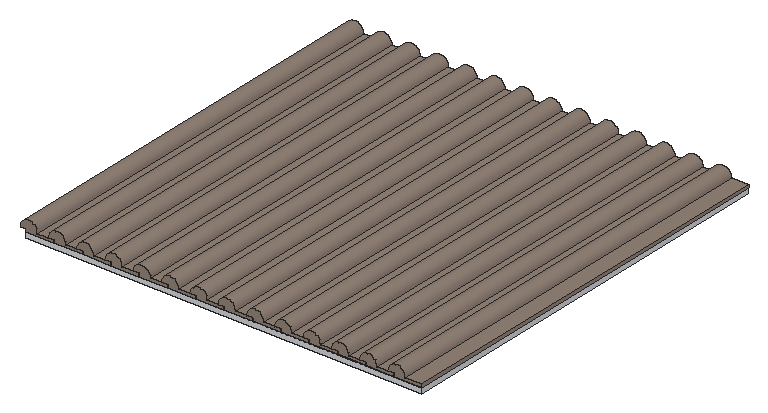
Revit family "Tambour Ellis 36 x 36", category Generic Models, host Face, Revit 2023
Family settings
  Host = Face
  Can host rebar = No
  Round Connector Dimension = Use Diameter
  Part Type = Normal
  Cut with Voids When Loaded = No
  Maintain Annotation Orientation = No
  Shared = No
  Room Calculation Point = No
Parameters (values of type "Tambour Ellis - 36 x 36 - WALNUT")
  Tambour Material = Cambio Wood Veneer - Walnut
  Default Elevation = 4' - 0"
Types (7): name | Tambour Material
  (no name) | Cambio Wood Veneer - Walnut
  Tambour Ellis - 36 x 36 - OAK | Cambio Wood Veneer - Oak
  Tambour Ellis - 36 x 36 - WALNUT | Cambio Wood Veneer - Walnut
  Tambour Ellis - 36 x 36 - SW MATTE BLACK | Cambio Color Block - Tricorn Black
  Tambour Ellis - 36 x 36 - SW MATTE GRAY | Cambio Color Block - Serious Gray
  Tambour Ellis - 36 x 36 - SW MATTE LIGHT GRAY | Cambio Color Block - Morning Fog
  Tambour Ellis - 36 x 36 - SW MATTE WHITE | Cambio Color Block - White Flour
Reference planes (in)
  plane 1 "Center (Front/Back)": y = 0
  plane 2: z = 0
  plane 3 "Center (Left/Right)": x = 0
  plane 4 "Face Of Substrate": z = 0.47244
Dimensions and locks (in)
  aligned and locked: plane 2 to host face
  aligned and locked: level to host face
  aligned and locked: nested 1 to plane 4 "Face Of Substrate"
Nested families (in)
  nested 1: "35.5 x 36 Substrate" at (0, 0, 0), type "35.5 x 36 Substrate"
  nested 2: "Tambour Ellis Stick" at (-17.25, 0, 0.47244), type "TAMBOUR .75 X 36" - OAK"
  nested 3: "Tambour Ellis Stick" at (-14.75, 0, 0.47244), type "TAMBOUR .75 X 36" - OAK"
  nested 4: "Tambour Ellis Stick" at (-12.25, 0, 0.47244), type "TAMBOUR .75 X 36" - OAK"
  nested 5: "Tambour Ellis Stick" at (-9.75, 0, 0.47244), type "TAMBOUR .75 X 36" - OAK"
  nested 6: "Tambour Ellis Stick" at (-7.25, 0, 0.47244), type "TAMBOUR .75 X 36" - OAK"
  nested 7: "Tambour Ellis Stick" at (-4.75, 0, 0.47244), type "TAMBOUR .75 X 36" - OAK"
  nested 8: "Tambour Ellis Stick" at (-2.25, 0, 0.47244), type "TAMBOUR .75 X 36" - OAK"
  nested 9: "Tambour Ellis Stick" at (0.25, 0, 0.47244), type "TAMBOUR .75 X 36" - OAK"
  nested 10: "Tambour Ellis Stick" at (2.75, 0, 0.47244), type "TAMBOUR .75 X 36" - OAK"
  nested 11: "Tambour Ellis Stick" at (5.25, 0, 0.47244), type "TAMBOUR .75 X 36" - OAK"
  nested 12: "Tambour Ellis Stick" at (7.75, 0, 0.47244), type "TAMBOUR .75 X 36" - OAK"
  nested 13: "Tambour Ellis Stick" at (10.25, 0, 0.47244), type "TAMBOUR .75 X 36" - OAK"
  nested 14: "Tambour Ellis Stick" at (12.75, 0, 0.47244), type "TAMBOUR .75 X 36" - OAK"
  nested 15: "Tambour Ellis Stick" at (15.25, 0, 0.47244), type "TAMBOUR .75 X 36" - OAK"
Definition of nested family "35.5 x 36 Substrate"
  Parameters (values of type "35.5 x 36 Substrate")
    Width = 2' - 11 1/2"
    Substrate Material = none
    Substrate Height = 1' - 3"
    Height = 3' - 0"
    Default Elevation = 4' - 0"
  Reference planes (in)
    plane 1 "Center (Front/Back)": y = 0
    plane 2: z = 0
    plane 3 "Center (Left/Right)": x = 0
    plane 4: x = -17.75
    plane 5: x = 17.75
  Forms (in)
    Extrusion 1, solid
      sketch origin (0, 0, 0) x (1, 0, 0) y (0, 1, 0)
        loop
          line (-48, 48) -> (-48, -48) -> (48, -48) -> (48, 48) -> (-48, 48)
      from 0 to -12
    Extrusion 2, solid, material <- "Substrate Material"
      sketch origin (0, 0, 0) x (1, 0, 0) y (0, 1, 0)
        loop
          line (-17.25, 18) -> (-17.25, -18) -> (17.75, -18) -> (17.75, 18) -> (-17.25, 18)
      from 0 to 0.47244
  Dimensions and locks (in)
    equal spacing: Extrusion 2 sketch curve, plane 1 "Center (Front/Back)", Extrusion 2 sketch curve
    "Height": Extrusion 2 to Extrusion 2
    locked: plane 4 to Extrusion 2 sketch curve at 0.5
    equal spacing: plane 4, plane 3 "Center (Left/Right)", plane 5
    "Width": plane 4 to plane 5
    aligned and locked: plane 2 to Extrusion 1
    aligned and locked: level to Extrusion 1
    aligned and locked: plane 5 to Extrusion 2
  Automatic sketch dimensions
    Extrusion 1 sketch curve to Extrusion 1 sketch curve = 8' - 0"  (x2)
    plane 1 "Center (Front/Back)" to Extrusion 2 sketch curve = 1' - 6"
    plane 3 "Center (Left/Right)" to Extrusion 2 sketch curve = 1' - 5 3/4"
Definition of nested family "Tambour Ellis Stick"
  Parameters (values of type "TAMBOUR .75 X 18" - OAK")
    TAMBOUR MATERIAL = none
    STICK LENGTH = 1' - 6"
    Default Elevation = 4' - 0"
  Types (25): name | STICK LENGTH
    (no name) | 1' - 6"
    TAMBOUR .75 X 18" - OAK | 1' - 6"
    TAMBOUR .75 X 36" - OAK | 3' - 0"
    TAMBOUR .75 X 54" - OAK | 4' - 6"
    TAMBOUR .75 X 90" - WALNUT | 7' - 6"
    TAMBOUR .75 X 18" - WALNUT | 1' - 6"
    TAMBOUR .75 X 36" - WALNUT | 3' - 0"
    TAMBOUR .75 X 54" - WALNUT | 4' - 6"
    TAMBOUR .75 X 90" - OAK | 7' - 6"
    TAMBOUR .75 X 18" - SW MATTE BLACK | 1' - 6"
    TAMBOUR .75 X 36" - SW MATTE BLACK | 3' - 0"
    TAMBOUR .75 X 54" - SW MATTE BLACK | 4' - 6"
    TAMBOUR .75 X 90" - SW MATTE BLACK | 7' - 6"
    TAMBOUR .75 X 90" - SW MATTE GREY | 7' - 6"
    TAMBOUR .75 X 54" - SW MATTE GREY | 4' - 6"
    TAMBOUR .75 X 36" - SW MATTE GREY | 4' - 6"
    TAMBOUR .75 X 18" - SW MATTE GREY | 1' - 6"
    TAMBOUR .75 X 18" -SW MATTE LIGHT GRAY | 1' - 6"
    TAMBOUR .75 X 36" -SW MATTE LIGHT GRAY | 3' - 0"
    TAMBOUR .75 X 54" -SW MATTE LIGHT GRAY | 4' - 6"
    TAMBOUR .75 X 90" -SW MATTE LIGHT GRAY | 7' - 6"
    TAMBOUR .75 X 90" -SW MATTE WHITE | 7' - 6"
    TAMBOUR .75 X 54" -SW MATTE WHITE | 4' - 6"
    TAMBOUR .75 X 36" -SW MATTE WHITE | 3' - 0"
    TAMBOUR .75 X 18" -SW MATTE WHITE | 1' - 6"
  Reference planes (in)
    plane 1 "Center (Front/Back)": y = 0
    plane 2: z = 0
    plane 3 "Center (Left/Right)": x = 0
    plane 4: y = -9
    plane 5: y = 9
  Forms (in)
    Extrusion 1, solid
      sketch origin (0, 0, 0) x (1, 0, 0) y (0, 1, 0)
        loop
          line (-48, 48) -> (-48, -48) -> (48, -48) -> (48, 48) -> (-48, 48)
      from 0 to -12
    Extrusion 2, solid, material <- "TAMBOUR MATERIAL"
      sketch origin (0, 0, 0) x (1, 0, 0) y (0, 0, 1)
        loop
          line (0, 0) -> (2.5, 0) -> (2.5, 0.25) -> (1, 0.25)
          arc (1, 0.25) -> (0.25, 1) -> (-0.5, 0.25) r 0.75
          line (-0.5, 0.25) -> (0, 0.25) -> (0, 0)
      from -9 to 9
  Dimensions and locks (in)
    equal spacing: plane 5, plane 1 "Center (Front/Back)", plane 4
    "STICK LENGTH": plane 5 to plane 4
    aligned and locked: plane 2 to Extrusion 1
    aligned and locked: level to Extrusion 1
    aligned and locked: Extrusion 2 to plane 4
    aligned and locked: plane 5 to Extrusion 2
  Automatic sketch dimensions
    Extrusion 1 sketch curve to Extrusion 1 sketch curve = 8' - 0"  (x2)
    Extrusion 2 sketch curve to plane 3 "Center (Left/Right)" = 0' - 0"
    Extrusion 2 sketch curve to level = 0' - 0"
    Extrusion 2 sketch curve to Extrusion 2 sketch curve = 0' - 0 1/2"
    plane 3 "Center (Left/Right)" to Extrusion 2 sketch curve = 0' - 0 1/4"
    level to Extrusion 2 sketch curve = 0' - 0 1/4"
    Extrusion 2 sketch curve to Extrusion 2 sketch curve = 0' - 1 1/2"
